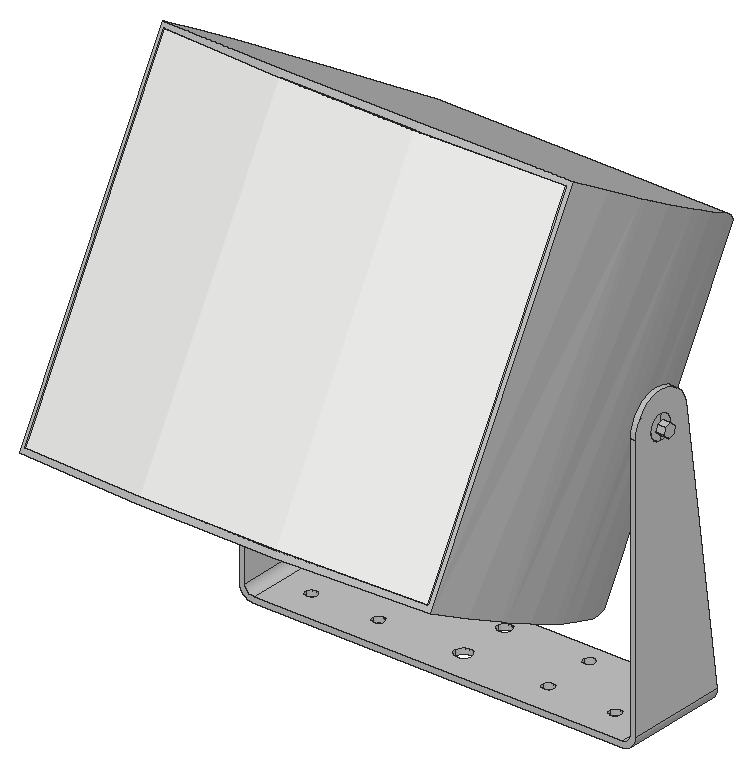
Revit family "Electronics_Community-Point-Source_Biamp_Loudspeaker_R_35COAX", category Communication Devices, host Face, Revit 2020
Family settings
  Host = Face
  Maintain Annotation Orientation = No
  Round Connector Dimension = Use Diameter
  Part Type = Normal
  OmniClass Number = 23.85.10.11.14.14.14
  OmniClass Title = Loudspeakers
  Cut with Voids When Loaded = No
  Shared = No
  Room Calculation Point = No
Parameters (values of type "R.35COAX G")
  Yoke Material = Biamp - Metal - Gray
  Width = 12.99213"  # constant formula
  Weight = 26.0145 lbf  # constant formula
  Visib_For2D [instance] = Rotate angle = 0.00°  # no
  URL = "https://www.biamp.com/"
  Transducers = "LF   1 x 10 (254mm) Carbon ring cone with hydrophobic treatment, 2 (51mm) Voice Coil HF  1 x 1.25 (32mm) exit compression"  # constant formula
  Rotate angle [instance] = 30.00°
  Required Accessories = "High Pass Filter - 70 Hz, 24 dB /octave, Digital Signal Processor"  # constant formula
  Recommended Amplifers = "200W - 400W @ 8 Ohms,  (40V - 57V)"  # constant formula
  Product data url = "https://www.bimobject.com/biamp/product/r-35coax_community-point-source"
  Product Page URL = "https://www.biamp.com/products/product-families/community/point-source#r-35coax"
  Product Documentation Link = "https://downloads.biamp.com/assets/docs/default-source/data-sheets/biamp_data_sheet_community_r-35coax_oct21.pdf"
  Operating Range = "70 Hz to 16 kHz"  # constant formula
  Operating Mode = "Passive, Selectable Low Impedance or 70V/100V"  # constant formula
  Operating Environment = "Indoor or Weather-Resistant Outdoor"  # constant formula
  Nominal Sensitivity = "MUSIC - 1W - 97dB; 2.83V - 97dB. VOICE - 1W - 99dB; 2.83V - 99dB"  # constant formula
  Nominal Maximum SPL (Whole Space) = "MUSIC - Peak - 126dB; Continuous - 120dB. VOICE - Peak - 128dB; Continuous - 122dB"  # constant formula
  Nominal Beamwidth  (H x V) = "90° x 90°"  # constant formula
  Nom angle [instance] = if(or(Rotate angle < 0.00°, Rotate angle = 0.00°), 0.00°, if(and(Rotate angle > 0.00°, Rotate angle < 170.00°), Rotate angle, if(or(Rotate angle > 170.00°, Rotate angle = 170.00°), 170.00°, 0.00°)))  # 30.00°
  Mounting Points = "Two (2) M8 rigging points"  # constant formula
  Model = "R.35COAX G"
  Manufacturer = "Biamp"  # constant formula
  Input Connection = "NL4 Speakon-type connector (low impedance only), and 7-position terminal strip for low impedance or constant voltage operation"  # constant formula
  Included Accessories = "Zinc-rich epoxy dual-layer powder-coated yoke, included integral safety cable mounting point"  # constant formula
  Housing Material = Biamp - Plastic - Gray
  Height = 10.98425"  # constant formula
  Grill Material = Biamp - Plastic - Gray(Grid)
  Finish = "Refer to the Technical Drawing (page 3)"  # constant formula
  Equalized Sensitivity = "MUSIC - 1W - 97dB; 2.83V - 97dB"  # constant formula
  Equalized Maximum SPL = "MUSIC - Peak - 126dB; Continuous - 120dB"  # constant formula
  Environmental = "IP55W per IEC 529, designed to MIL-STD-810G Color-matched ABS plastic input panel weather cover with 13.5mm ID gland nut installed in .82 knockout"  # constant formula
  Description = "R.35COAX Two-Way 10-Inch Coaxial Weather-Resistant Loudspeaker"  # constant formula
  Depth = 13.50394"  # constant formula
  Default Elevation = 48.00"
  Controls = "Music / Voice switch, 70V/100V operation jumper"  # constant formula
  Connector Description = "NL4, 2-position terminal strip; Low Impedance 8 ohm, 70V/100V operation"  # constant formula
Types (2): name | Yoke Material | Visib_For2D | Rotate angle | Nom angle | Model | Housing Material | Grill Material
  R.35COAX B | Biamp - Metal - Black | yes | 0.00° | 0.00° | "R.35COAX B" | Biamp - Plastic - Black | Biamp - Plastic - Black(Grid)
  R.35COAX G | Biamp - Metal - Gray | no | 30.00° | 30.00° | "R.35COAX G" | Biamp - Plastic - Gray | Biamp - Plastic - Gray(Grid)
Reference planes (in)
  plane 1 "Center (Front/Back)": y = 0
  plane 2: z = 0
  plane 3 "Center (Left/Right)": x = 0
  plane 4: z = 8.53543
Forms (in)
  Sweep 1, solid, material "Biamp - Metal - Gray" <- "Yoke Material", detail levels coarse
    path origin (0, 0.66952, 0) x (1, 0, 0) y (0, 1, 0)
      loop
        line (0, -1.58406) -> (0, 1.58406)
    profile origin (0, 0.66952, 0) x (-1, 0, 0) y (0, 0, 1)
      loop
        line (6.05709, 0) -> (6.05709, 9.52756) -> (5.89961, 9.52756) -> (5.89961, 0.15748) -> (-5.89961, 0.15748) -> (-5.89961, 9.52756) -> (-6.05709, 9.52756) -> (-6.05709, 0) -> (6.05709, 0)
  Sweep 2, void
    path origin (0, 0.66952, 0) x (1, 0, 0) y (0, 1, 0)
      loop
        line (-6.05709, 0) -> (6.05709, 0)
    profile origin (0, 0.66952, 0) x (0, 1, 0) y (0, 0, 1)
      loop
        line (1.58406, 0) -> (1.58406, 9.84252) -> (0.20075, 9.84252) -> (1.58406, 0)
      loop
        circle (-0.66952, 8.53543) r 0.25591
  Sweep 3, solid, material "Biamp - Metal - Gray" <- "Yoke Material", detail levels medium+fine
    path origin (0, 0.66952, 0) x (1, 0, 0) y (0, 1, 0)
      loop
        line (0, -1.58406) -> (0, 1.58406)
    profile origin (0, 0.66952, 0) x (-1, 0, 0) y (0, 0, 1)
      loop
        arc (5.66339, 0) -> (5.94177, 0.11531) -> (6.05709, 0.3937) r 0.3937
        line (6.05709, 0.3937) -> (6.05709, 9.52756) -> (5.89961, 9.52756) -> (5.89961, 0.43574)
        arc (5.89961, 0.43574) -> (5.81811, 0.23898) -> (5.62135, 0.15748) r 0.27826
        line (5.62135, 0.15748) -> (-5.62135, 0.15748)
        arc (-5.62135, 0.15748) -> (-5.81811, 0.23898) -> (-5.89961, 0.43574) r 0.27826
        line (-5.89961, 0.43574) -> (-5.89961, 9.52756) -> (-6.05709, 9.52756) -> (-6.05709, 0.3937)
        arc (-6.05709, 0.3937) -> (-5.94177, 0.11531) -> (-5.66339, 0) r 0.3937
        line (-5.66339, 0) -> (5.66339, 0)
  Sweep 4, void
    path origin (0, 0, 0) x (1, 0, 0) y (0, 1, 0)
      loop
        line (-6.05709, 0) -> (6.05709, 0)
    profile origin (0, 0, 0) x (0, 1, 0) y (0, 0, 1)
      loop
        arc (-0.91453, 8.53543) -> (0.06972, 9.51969) -> (1.05397, 8.53543) r 0.98425
        line (1.05397, 8.53543) -> (1.05397, 9.91339) -> (-0.91453, 9.91339) -> (-0.91453, 8.53543)
  Extrusion 5, void
    sketch origin (0, 0, 0) x (1, 0, 0) y (0, 1, 0)
      loop
        circle (2.59843, 1.64452) r 0.17717
      loop
        circle (4.64961, 1.64452) r 0.17717
      loop
        circle (2.59843, 0.06972) r 0.17717
      loop
        circle (4.64961, 0.06972) r 0.17717
      loop
        circle (-2.59843, 1.64452) r 0.17717
      loop
        circle (-4.64961, 1.64452) r 0.17717
      loop
        circle (-2.59843, 0.06972) r 0.17717
      loop
        circle (-4.64961, 0.06972) r 0.17717
      loop
        circle (0, 1.64452) r 0.21654
      loop
        circle (0, 0.06972) r 0.25591
    from 0 to 0.15748
  Revolve 6, solid, material "Biamp - Metal - Gray" <- "Yoke Material"
    sketch origin (0, 0, 0) x (1, 0, 0) y (0, 0, 1)
      loop
        line (-6.05709, 8.77613) -> (-6.05709, 8.896) -> (-6.0892, 8.896) -> (-6.0892, 8.53543) -> (-5.7296, 8.53543) -> (-5.7296, 8.77613) -> (-6.05709, 8.77613)
      loop
        line (6.05709, 8.77613) -> (5.7296, 8.77613) -> (5.7296, 8.53543) -> (6.0892, 8.53543) -> (6.0892, 8.896) -> (6.05709, 8.896) -> (6.05709, 8.77613)
      axis (-6.0892, 8.53543) -> (6.0892, 8.53543)
    angle from 0 to 360
  Sweep 7, solid, material "Biamp - Metal - Gray" <- "Yoke Material", detail levels medium+fine
    path origin (0, 0, 0) x (1, 0, 0) y (0, 1, 0)
      loop
        line (-6.0892, 0) -> (-6.37079, 0)
    profile origin (-6.22999, 0, 0) x (0, -1, 0) y (0, 0, 1)
      loop
        line (-0.05214, 8.73002) -> (-0.19459, 8.58757) -> (-0.14245, 8.39298) -> (0.05214, 8.34084) -> (0.19459, 8.48329) -> (0.14245, 8.67788) -> (-0.05214, 8.73002)
  Sweep 8, solid, material "Biamp - Metal - Gray" <- "Yoke Material", detail levels medium+fine
    path origin (0, 0, 0) x (-1, 0, 0) y (0, 1, 0)
      loop
        line (-6.0892, 0) -> (-6.37079, 0)
    profile origin (6.22999, 0, 0) x (0, 1, 0) y (0, 0, 1)
      loop
        line (0.05214, 8.73002) -> (-0.14245, 8.67788) -> (-0.19459, 8.48329) -> (-0.05214, 8.34084) -> (0.14245, 8.39298) -> (0.19459, 8.58757) -> (0.05214, 8.73002)
Cuts and joins
  Sweep 2, Extrusion 5 cuts Sweep 1
  Sweep 2, Sweep 4, Extrusion 5 cuts Sweep 3
Lines and regions (in)
  Masking region 1, visible <- "Visib_For2D"
    outline origin (0, 0, 0) x (1, 0, 0) y (0, 1, 0)
      loop
        line (-6.05709, 2.25358) -> (-6.05709, -0.91453) -> (6.05709, -0.91453) -> (6.05709, 2.25358) -> (-6.05709, 2.25358)
  reference lines
    curve 1: line (0, 0, 8.53543) -> (0, -2.94884, 10.23795)
Dimensions and locks (in)
  "Nom angle": angle plane 4 to curve 1
  aligned and locked: plane 2 to host face
  aligned and locked: level to host face
  aligned and locked: plane 4 to curve 1
  aligned and locked: plane 1 "Center (Front/Back)" to curve 1
  aligned and locked: Sweep 7 sketch curve to plane 1 "Center (Front/Back)"
Automatic sketch dimensions
  host sketch curve to host sketch curve = 96.00"  (x2)
  Sweep 1 sketch curve to plane 3 "Center (Left/Right)" = 0.00"
  plane 1 "Center (Front/Back)" to Sweep 1 sketch curve = 0.91453"
  Sweep 1 sketch curve to plane 1 "Center (Front/Back)" = 2.25358"
  Sweep 1 sketch curve to level = 0.00"
  profile plane to Sweep 1 sketch curve = 6.05709"
  Sweep 1 sketch curve to Sweep 1 sketch curve = 0.15748"  (x2)
  level to Sweep 1 sketch curve = 0.15748"
  Sweep 1 sketch curve to profile plane = 5.89961"
  Sweep 1 sketch curve to Sweep 1 sketch curve = 9.37008"  (x2)
  Sweep 2 sketch curve to plane 1 "Center (Front/Back)" = 0.66952"
  Sweep 2 sketch curve to plane 3 "Center (Left/Right)" = 6.05709"
  plane 3 "Center (Left/Right)" to Sweep 2 sketch curve = 6.05709"
  Sweep 2 sketch curve to level = 0.00"
  profile plane to Sweep 2 sketch curve = 0.66952"
  Sweep 2 sketch curve to profile plane = 0.20075"
  Sweep 2 sketch curve to Sweep 2 sketch curve = 1.38331"
  level to Sweep 2 sketch curve = 8.53543"
  Sweep 2 sketch curve to Sweep 2 sketch curve = 1.30709"
  Sweep 3 sketch curve to plane 3 "Center (Left/Right)" = 0.00"
  plane 1 "Center (Front/Back)" to Sweep 3 sketch curve = 0.91453"
  Sweep 3 sketch curve to plane 1 "Center (Front/Back)" = 2.25358"
  Sweep 3 sketch curve to level = 0.00"
  profile plane to Sweep 3 sketch curve = 6.05709"
  Sweep 3 sketch curve to Sweep 3 sketch curve = 0.15748"  (x2)
  Sweep 3 sketch curve to Sweep 3 sketch curve = 0.23622"  (x2)
  Sweep 3 sketch curve to Sweep 3 sketch curve = 0.04204"  (x2)
  level to Sweep 3 sketch curve = 0.15748"
  Sweep 3 sketch curve to profile plane = 5.62135"
  Sweep 3 sketch curve to Sweep 3 sketch curve = 9.09182"  (x2)
  plane 1 "Center (Front/Back)" to Sweep 4 sketch curve = 0.00"
  Sweep 4 sketch curve to plane 3 "Center (Left/Right)" = 6.05709"
  plane 3 "Center (Left/Right)" to Sweep 4 sketch curve = 6.05709"
  profile plane to Sweep 4 sketch curve = 0.91453"
  Sweep 4 sketch curve to profile plane = 0.06972"
  level to Sweep 4 sketch curve = 8.53543"
  Sweep 4 sketch curve to Sweep 4 sketch curve = 1.37795"
  Extrusion 5 sketch curve to plane 3 "Center (Left/Right)" = 0.00"  (x2)
  Extrusion 5 sketch curve to plane 3 "Center (Left/Right)" = 2.59843"
  Extrusion 5 sketch curve to plane 1 "Center (Front/Back)" = 0.06972"  (x5)
  Extrusion 5 sketch curve to Extrusion 5 sketch curve = 0.00"  (x4)
  Extrusion 5 sketch curve to Extrusion 5 sketch curve = 2.05118"  (x2)
  plane 3 "Center (Left/Right)" to Extrusion 5 sketch curve = 2.59843"
  Extrusion 5 sketch curve to Extrusion 5 sketch curve = 1.5748"  (x5)
  Revolve 6 sketch curve to plane 4 = 0.00"  (x3)
  Revolve 6 sketch curve to plane 3 "Center (Left/Right)" = 6.0892"
  Revolve 6 sketch curve to Revolve 6 sketch curve = 0.03211"  (x2)
  Revolve 6 sketch curve to Revolve 6 sketch curve = 0.3596"
  plane 3 "Center (Left/Right)" to Revolve 6 sketch curve = 5.7296"
  Revolve 6 sketch curve to Revolve 6 sketch curve = 0.32748"
  plane 4 to Revolve 6 sketch curve = 0.2407"  (x2)
  Revolve 6 sketch curve to Revolve 6 sketch curve = 0.11987"  (x2)
  Revolve 6 sketch curve to Revolve 6 sketch curve = 1.34584"
  Revolve 6 sketch curve to Revolve 6 sketch curve = 1.23954"
  Sweep 7 sketch curve to plane 3 "Center (Left/Right)" = 6.37079"
  Sweep 7 sketch curve to Sweep 7 sketch curve = 0.28159"
  profile plane to Sweep 7 sketch curve = 0.19459"
  profile plane to Sweep 7 sketch curve = 0.14245"
  profile plane to Sweep 7 sketch curve = 0.05214"
  Sweep 7 sketch curve to profile plane = 0.05214"
  Sweep 7 sketch curve to profile plane = 0.14245"
  Sweep 7 sketch curve to profile plane = 0.19459"
  level to Sweep 7 sketch curve = 8.34084"
  Sweep 7 sketch curve to Sweep 7 sketch curve = 0.05214"
  Sweep 7 sketch curve to Sweep 7 sketch curve = 0.14245"  (x2)
  Sweep 7 sketch curve to Sweep 7 sketch curve = 0.19459"  (x2)
  plane 1 "Center (Front/Back)" to Sweep 8 sketch curve = 0.00"
  Sweep 8 sketch curve to plane 3 "Center (Left/Right)" = 6.37079"
  Sweep 8 sketch curve to Sweep 8 sketch curve = 0.28159"
  profile plane to Sweep 8 sketch curve = 0.19459"
  profile plane to Sweep 8 sketch curve = 0.14245"
  profile plane to Sweep 8 sketch curve = 0.05214"
  Sweep 8 sketch curve to profile plane = 0.05214"
  Sweep 8 sketch curve to profile plane = 0.14245"
  Sweep 8 sketch curve to profile plane = 0.19459"
  level to Sweep 8 sketch curve = 8.34084"
  Sweep 8 sketch curve to Sweep 8 sketch curve = 0.05214"  (x2)
  Sweep 8 sketch curve to Sweep 8 sketch curve = 0.14245"
  Sweep 8 sketch curve to Sweep 8 sketch curve = 0.19459"  (x2)
  plane 1 "Center (Front/Back)" to Masking region 1 sketch curve = 0.91453"
  Masking region 1 sketch curve to plane 3 "Center (Left/Right)" = 6.05709"
  plane 3 "Center (Left/Right)" to Masking region 1 sketch curve = 6.05709"
  Masking region 1 sketch curve to plane 1 "Center (Front/Back)" = 2.25358"
  radius of Sweep 2 sketch curve = 0.25591"
  radius of Extrusion 5 sketch curve = 0.17717"  (x8)
  radius of Extrusion 5 sketch curve = 0.21654"
  radius of Extrusion 5 sketch curve = 0.25591"
Nested families (in)
  nested 1: "R.35COAX" at (0, -4.07502, 4.53729) x (1, 0, 0) z (0, 0.5, 0.866), Grill <- "Grill Material", Host <- "Housing Material", type "R.35COAX"
    with Host Biamp - Plastic - Gray, Grill Biamp - Plastic - Gray(Grid)
Connectors (in)
  electrical at (0.69314, 4.80681, 7.44897), driven by "Connector Description"
    settings: on nested 1, index 1, voltage 0 V, apparent load 0 VA, apparent load phase1 0 VA, apparent load phase2 0 VA, apparent load phase3 0 VA, power factor 1, load classification "Other", number of poles 1, system type 5, power factor state 1, is connector primary yes, connector utility no, sub classification motor no, connector description "NL4, 2-position terminal strip; Low Impedance 8 ohm, 70V/100V operation"
  electrical at (-1.16108, 4.07603, 6.18323), driven by "Connector Description"
    settings: on nested 1, index 2, voltage 100 V, apparent load 0 VA, apparent load phase1 800 VA, apparent load phase2 0 VA, apparent load phase3 0 VA, power factor 1, load classification "Other", number of poles 1, system type 5, power factor state 1, is connector primary no, connector utility no, sub classification motor no, connector description "NL4, 2-position terminal strip; Low Impedance 8 ohm, 70V/100V operation"
Definition of nested family "R.35COAX"
  Parameters (values of type "R.35COAX")
    Host [instance] = none
    Grill [instance] = none
    Default Elevation = 48.00"
  Reference planes (in)
    plane 1 "Center (Front/Back)": y = 0
    plane 2: z = 0
    plane 3 "Center (Left/Right)": x = 0
  Forms (in)
    Extrusion 1, solid, material <- "Host", detail levels coarse
      sketch origin (0, 0, 0) x (0, 1, 0) y (0, 0, 1)
        loop
          line (-6.74137, 11) -> (-6.74137, 0) -> (3.86333, 0.37032)
          arc (3.86333, 0.37032) -> (5.91665, 1.28452) -> (6.75863, 3.3685) r 3
          line (6.75863, 3.3685) -> (6.75863, 7.6315)
          arc (6.75863, 7.6315) -> (5.91665, 9.71548) -> (3.86333, 10.62968) r 3
          line (3.86333, 10.62968) -> (-6.74137, 11)
      from -6.49606 to 6.49606
    Extrusion 2, void
      sketch origin (0, 0, 0) x (1, 0, 0) y (0, 1, 0)
        loop
          arc (-6.27851, -5.75951) -> (0.00604, -6.6922) -> (6.29005, -5.756) r 21.59847
          spline (6.29005, -5.756) -> (6.30135, -4.86584) -> (6.27598, -3.97657) -> (6.21396, -3.0882) -> (6.11527, -2.20072) -> (5.97992, -1.31414) -> (5.80792, -0.42845) -> (5.59925, 0.45635) -> (5.35392, 1.34026) -> (5.07194, 2.22327) -> (4.75329, 3.10539) -> (4.39798, 3.98661) -> (4.00602, 4.86694)
          arc (4.00602, 4.86694) -> (0.01275, 6.72942) -> (-3.98953, 4.88641) r 5.23949
          spline (-3.98953, 4.88641) -> (-4.38234, 4.00417) -> (-4.73842, 3.12104) -> (-5.05775, 2.23701) -> (-5.34035, 1.35209) -> (-5.58621, 0.46628) -> (-5.79532, -0.42043) -> (-5.9677, -1.30804) -> (-6.10334, -2.19654) -> (-6.20224, -3.08594) -> (-6.2644, -3.97624) -> (-6.28982, -4.86742) -> (-6.27851, -5.75951)
        loop
          line (-7.22967, 7.20915) -> (-7.22967, -7.35778) -> (7.14041, -7.35778) -> (7.14041, 7.20915) -> (-7.22967, 7.20915)
      from -4.17588 to 13.9408
    Extrusion 3, solid, material <- "Host", detail levels medium+fine
      sketch origin (0, 0, 0) x (0, 1, 0) y (0, 0, 1)
        loop
          line (-6.74137, 11) -> (-6.74137, 0) -> (3.86333, 0.37032)
          arc (3.86333, 0.37032) -> (5.91665, 1.28452) -> (6.75863, 3.3685) r 3
          line (6.75863, 3.3685) -> (6.75863, 7.6315)
          arc (6.75863, 7.6315) -> (5.91665, 9.71548) -> (3.86333, 10.62968) r 3
          line (3.86333, 10.62968) -> (-6.74137, 11)
      from -6.49606 to 6.49606
    Extrusion 4, void
      sketch origin (0, 0, 0) x (1, 0, 0) y (0, 0, 1)
        loop
          line (-6.16216, 10.80625) -> (-6.16216, 0.19388) -> (6.17372, 0.19388) -> (6.17372, 10.80625) -> (-6.16216, 10.80625)
      from 5.51055 to 9.41783
    Extrusion 5, solid, material <- "Grill", detail levels medium+fine
      sketch origin (0, 0, 0) x (1, 0, 0) y (0, 1, 0)
        loop
          line (6.14863, -5.79852) -> (6.14863, -5.63419)
          arc (6.14863, -5.63419) -> (0.00642, -6.53472) -> (-6.13633, -5.63787) r 21.44099
          line (-6.13633, -5.63787) -> (-6.13633, -5.80217)
          arc (-6.13633, -5.80217) -> (0.00642, -6.6922) -> (6.14863, -5.79852) r 21.59847
      from 0.2126 to 10.79134
    Extrusion 6, void
      sketch origin (0, 0, 0) x (1, 0, 0) y (0, 0, 1)
        loop
          line (1.68965, 7.89249) -> (-1.68965, 7.89249) -> (-1.68965, 3.16808) -> (1.68965, 3.16808) -> (1.68965, 7.89249)
      from -8.74731 to -6.31479
    Extrusion 7, void
      sketch origin (0, 6.31479, 0) x (1, 0, 0) y (0, 0, 1)
        loop
          circle (0.69314, 6.9625) r 0.59055
        loop
          line (-0.96423, 7.56787) -> (-1.35793, 7.56787) -> (-1.35793, 3.43401) -> (-0.96423, 3.43401) -> (-0.96423, 7.56787)
      from 0 to 0.07874
  Cuts and joins
    Extrusion 2, Extrusion 6, Extrusion 7 cuts Extrusion 1
    Extrusion 2, Extrusion 4, Extrusion 6, Extrusion 7 cuts Extrusion 3
    Extrusion 6 cuts Extrusion 5
  Lines and regions (in)
    Masking region 1
      outline origin (0, 0, 0) x (1, 0, 0) y (0, 0, 1)
        loop
          line (-6.28228, 10.96572) -> (-6.28228, 0.03441) -> (6.29005, 0.03441) -> (6.29005, 10.96572) -> (-6.28228, 10.96572)
    Masking region 2
      outline origin (0, 0, 0) x (1, 0, 0) y (0, 1, 0)
        loop
          arc (-6.27851, -5.75951) -> (0.00604, -6.6922) -> (6.29005, -5.756) r 21.59847
          spline (6.29005, -5.756) -> (6.30135, -4.86584) -> (6.27598, -3.97657) -> (6.21396, -3.0882) -> (6.11527, -2.20072) -> (5.97992, -1.31414) -> (5.80792, -0.42845) -> (5.59925, 0.45635) -> (5.35392, 1.34026) -> (5.07194, 2.22327) -> (4.75329, 3.10539) -> (4.39798, 3.98661) -> (4.00602, 4.86694)
          arc (4.00602, 4.86694) -> (0.01275, 6.72942) -> (-3.98953, 4.88641) r 5.23949
          spline (-3.98953, 4.88641) -> (-4.38234, 4.00417) -> (-4.73842, 3.12104) -> (-5.05775, 2.23701) -> (-5.34035, 1.35209) -> (-5.58621, 0.46628) -> (-5.79532, -0.42043) -> (-5.9677, -1.30804) -> (-6.10334, -2.19654) -> (-6.20224, -3.08594) -> (-6.2644, -3.97624) -> (-6.28982, -4.86742) -> (-6.27851, -5.75951)
  Dimensions and locks (in)
    aligned and locked: level to plane 2
